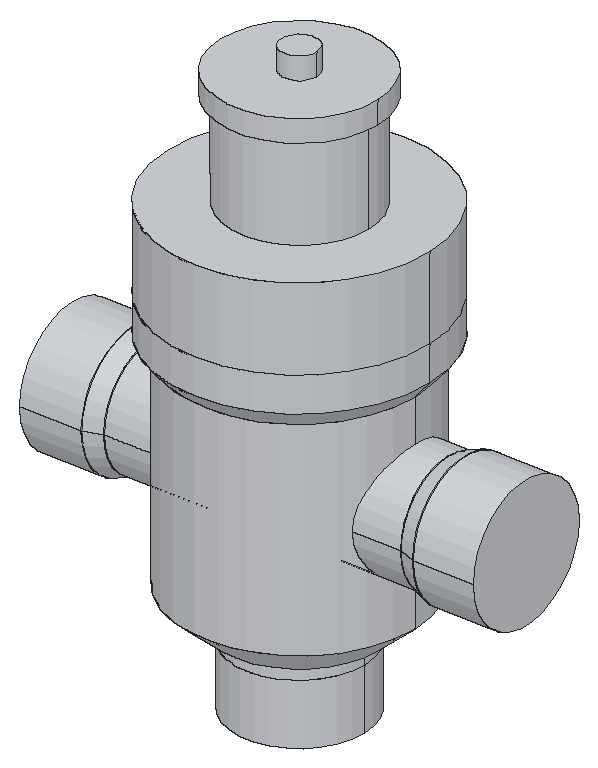
Revit family "VMX12P_DN15_PN16_RFA_2019", category Pipe Accessories, Revit 2019
Family settings
  Round Connector Dimension = Use Diameter
  Part Type = Valve - Breaks Into
  Work Plane-Based = No
  Always vertical = Yes
  Cut with Voids When Loaded = No
  Shared = No
Parameters (values of type "VMX12P G1/2  PN16 kvs1,0")
  magiProductId = ""
  magiProductFamilyId = ""
  magiPartTypeId = 320
  isMeasuringValve [instance] = no
  ang2D [instance] = 0.00°
  Z9 = 7 mm
  Z8 = 4 mm
  Z7__ve = -Z7  # -2.5 mm
  Z7 = 2.5 mm
  Z6 = 8.775 mm
  Z5 = 9.45 mm
  Z3 = 2 mm
  Z2 = 5 mm
  Z1 = 3.75 mm
  X4__ve = -X4  # -7 mm
  X4 = 7 mm
  X3 = 34 mm
  X1 = 5.2 mm
  W2D = 15 mm
  VersionID = ""
  Use Minimum Symbol Size [instance] = no
  URL = "www.hydronix.cz"
  Type Comments = "Závitový, vnější závit, ploché těsnění; LIN charakteristika; PN16; +5~+95°C; max.rychlost proudění 3,0 m/s"
  TL = 52 mm
  R9 = 9 mm
  R8 = 2 mm
  R7 = 15 mm
  R6 = 9 mm
  R5 = 10.214 mm
  R4 = 8.512 mm
  R3 = 7.5 mm
  R2 = 13.3 mm
  R10 = 8 mm
  R1 = 6.75 mm
  QmdConnectorList = "301;D;302;D;303;D"
  Productdata [instance] = ""
  Manufacturer = "Hydronix"
  MT = 1
  MC Product Code = "VMX12P (G1/2\"; dpmax=250kPa; kvs 1,0)"
  MC = yes
  LT2 = 19 mm
  L2D_Min = 30.48 mm
  L2D = 38 mm
  L = 38 mm
  H1 = 23.8 mm
  H = 27 mm
  E = 16 mm
  Description = "3 cestný regulační ventil malých spotřebičů, DN15; zdvih 2,5mm; max dp 250kPa; kvs1,0"
  DT2 = 7.5 mm
  D = 15 mm
  CS = no
  CAT0 = yes
  CAT = no
  C = 25 mm
  Assembly Code = ""
Types (8, lengths in mm): name | Z9 | Z6 | Z5 | Z2 | Z1 | X3 | X1 | W2D | TL | R6 | R5 | R4 | R3 | R2 | R1 | MC Product Code | LT2 | L2D | L | H1 | H | Description | DT2 | D | C
  VMX09P G1/2  PN16 kvs0,25 | 7 | 8.775 | 9.45 | 5 | 3.75 | 34 | 5.2 | 15 | 52 | 9 | 10.214 | 8.512 | 7.5 | 13.3 | 6.75 | "VMX09P (G1/2\"; dpmax=250kPa; kvs 0,25)" | 19 | 38 | 38 | 23.8 | 27 | "3 cestný regulační ventil malých spotřebičů, DN15; zdvih 2,5mm; max dp 250kPa; kvs0,25" | 7.5 | 15 | 25
  VMX10P G1/2  PN16 kvs0,4 | 7 | 8.775 | 9.45 | 5 | 3.75 | 34 | 5.2 | 15 | 52 | 9 | 10.214 | 8.512 | 7.5 | 13.3 | 6.75 | "VMX10P (G1/2\"; dpmax=250kPa; kvs 0,4)" | 19 | 38 | 38 | 23.8 | 27 | "3 cestný regulační ventil malých spotřebičů, DN15; zdvih 2,5mm; max dp 250kPa; kvs0,4" | 7.5 | 15 | 25
  VMX11P G1/2  PN16 kvs0,6 | 7 | 8.775 | 9.45 | 5 | 3.75 | 34 | 5.2 | 15 | 52 | 9 | 10.214 | 8.512 | 7.5 | 13.3 | 6.75 | "VMX11P (G1/2\"; dpmax=250kPa; kvs 0,6)" | 19 | 38 | 38 | 23.8 | 27 | "3 cestný regulační ventil malých spotřebičů, DN15; zdvih 2,5mm; max dp 250kPa; kvs0,6" | 7.5 | 15 | 25
  VMX12P G1/2  PN16 kvs1,0 | 7 | 8.775 | 9.45 | 5 | 3.75 | 34 | 5.2 | 15 | 52 | 9 | 10.214 | 8.512 | 7.5 | 13.3 | 6.75 | "VMX12P (G1/2\"; dpmax=250kPa; kvs 1,0)" | 19 | 38 | 38 | 23.8 | 27 | "3 cestný regulační ventil malých spotřebičů, DN15; zdvih 2,5mm; max dp 250kPa; kvs1,0" | 7.5 | 15 | 25
  VMX13P G1/2  PN16 kvs1,6 | 7 | 8.775 | 9.45 | 5 | 3.75 | 34 | 5.2 | 15 | 52 | 9 | 10.214 | 8.512 | 7.5 | 13.3 | 6.75 | "VMX13P (G1/2\"; dpmax=250kPa; kvs 1,6)" | 19 | 38 | 38 | 23.8 | 27 | "3 cestný regulační ventil malých spotřebičů, DN15; zdvih 2,5mm; max dp 250kPa; kvs1,6" | 7.5 | 15 | 25
  VMX21P G3/4  PN16 kvs2,5 | 8.8 | 8.45 | 9.1 | 6.8 | 5.1 | 38 | 5.6 | 20 | 56 | 12 | 11.29 | 9.408 | 10 | 14.7 | 9 | "VMX21P (G3/4\"; dpmax=150kPa; kvs 2,5)" | 21 | 42 | 42 | 29 | 26 | "3 cestný regulační ventil malých spotřebičů, DN20; zdvih 2,5mm; max dp 150kPa; kvs2,5" | 10 | 20 | 34
  VMX24P G3/4  PN16 kvs4,0 | 8.8 | 8.45 | 9.1 | 6.8 | 5.1 | 38 | 5.6 | 20 | 56 | 12 | 11.29 | 9.408 | 10 | 14.7 | 9 | "VMX24P (G3/4\";  dpmax A-AB=100kPa;  dpmax B-AB=40kPa;  kvs 4,0)" | 21 | 42 | 42 | 29 | 26 | "3 cestný regulační ventil malých spotřebičů, DN20; zdvih 2,5mm; max dp A-AB 100kPa; max dp B-AB 40kPa; kvs4,0" | 10 | 20 | 34
  VMX26P G3/4  PN16 kvs6,0 | 8.8 | 8.45 | 9.1 | 6.8 | 5.1 | 38 | 5.6 | 20 | 56 | 12 | 11.29 | 9.408 | 10 | 14.7 | 9 | "VMX26P (G3/4\";  dpmax A-AB=100kPa;  dpmax B-AB=40kPa;  kvs 6,0)" | 21 | 42 | 42 | 29 | 26 | "3 cestný regulační ventil malých spotřebičů, DN20; zdvih 2,5mm; max dp A-AB 100kPa; max dp B-AB 40kPa; kvs6,0" | 10 | 20 | 34
Reference planes
  plane 1 "Center (Front/Back)": y = 0
  plane 2 "XYPLANE": z = 0
  plane 3 "Center (Left/Right)": x = 0
  plane 4 "271": z = 38
  plane 5 "254": z = 11.55
  plane 6 "253": z = 17.55
  plane 7 "148": z = 40.5
  plane 8 "132": z = 43
  plane 9 "62": z = 13.55
  plane 10 "53": z = 27
  plane 11 "52": z = -12.25
  plane 12 "48": z = -16
  plane 13 "47": z = -18
  plane 14 "38": z = -23
  plane 15 "37": x = 17
  plane 16 "36": x = 19
  plane 17 "23": z = -25
  plane 18 "19": x = -17
  plane 19 "15": x = -19
  plane 20 "6": x = 26
  plane 21 "5": x = -26
  plane 22 "3": z = 0
  plane 23 "2": y = 0
  plane 24 "1": x = 0
Forms (mm)
  Extrusion 1, solid
    sketch origin (-750, 0, -25) x (1, 0, 0) y (0, 1, 0)
      loop
        circle (750, 0) r 7.5
    from 0 to 7 <- "Z9"
  Extrusion 2, solid, visible <- "CAT0"
    sketch origin (-750, 0, 43) x (1, 0, 0) y (0, 1, 0)
      loop
        circle (750, 0) r 2
    from 0 to -2.5 <- "Z7__ve"
  Extrusion 3, solid, visible <- "CAT0"
    sketch origin (-750, 0, 38) x (1, 0, 0) y (0, 1, 0)
      loop
        circle (750, 0) r 8
    from 0 to -19
  Extrusion 4, solid, visible <- "CAT0"
    sketch origin (-17, -750, 0) x (0, 1, 0) y (0, 0, 1)
      loop
        circle (750, 0) r 6.75
    from 0 to 34 <- "X3"
  Extrusion 5, solid
    sketch origin (-750, 0, 13.55) x (1, 0, 0) y (0, 1, 0)
      loop
        circle (750, 0) r 15
    from 0 to 4 <- "Z8"
  Extrusion 6, solid
    sketch origin (-750, 0, 40.5) x (1, 0, 0) y (0, 1, 0)
      loop
        circle (750, 0) r 9
    from 0 to -2.5 <- "Z7__ve"
  Extrusion 7, solid
    sketch origin (-750, 0, 17.55) x (1, 0, 0) y (0, 1, 0)
      loop
        circle (750, 0) r 15
    from 0 to 9.45 <- "Z5"
  Blend 8, solid
    base sketch origin (-750, 0, 11.55) x (1, 0, 0) y (0, 1, 0)
      loop
        circle (750, 0) r 13.3
    top sketch origin (-750, 0, 11.55) x (1, 0, 0) y (0, 1, 0)
      loop
        circle (750, 0) r 15
    from 0 to 2
  Blend 9, solid
    base sketch origin (-750, 0, -12.25) x (1, 0, 0) y (0, 1, 0)
      loop
        circle (750, 0) r 13.3
    top sketch origin (-750, 0, -12.25) x (1, 0, 0) y (0, 1, 0)
      loop
        circle (750, 0) r 9
    from 0 to -3.75
  Extrusion 10, solid
    sketch origin (-750, 0, -18) x (1, 0, 0) y (0, 1, 0)
      loop
        circle (750, 0) r 7.5
    from 0 to 2 <- "Z3"
  Extrusion 11, solid
    sketch origin (26, -750, 0) x (0, 1, 0) y (0, 0, 1)
      loop
        circle (750, 0) r 7.5
    from 0 to -7 <- "X4__ve"
  Blend 12, solid
    base sketch origin (19, -750, 0) x (0, 1, 0) y (0, 0, 1)
      loop
        circle (750, 0) r 7.5
    top sketch origin (19, -750, 0) x (0, 1, 0) y (0, 0, 1)
      loop
        circle (750, 0) r 6.75
    from 0 to -2
  Extrusion 13, solid
    sketch origin (-750, 0, -12.25) x (1, 0, 0) y (0, 1, 0)
      loop
        circle (750, 0) r 13.3
    from 0 to 23.8 <- "H1"
  Blend 14, solid
    base sketch origin (-19, -750, 0) x (0, 1, 0) y (0, 0, 1)
      loop
        circle (750, 0) r 7.5
    top sketch origin (-19, -750, 0) x (0, 1, 0) y (0, 0, 1)
      loop
        circle (750, 0) r 6.75
    from 0 to 2
  Extrusion 15, solid
    sketch origin (-26, -750, 0) x (0, 1, 0) y (0, 0, 1)
      loop
        circle (750, 0) r 7.5
    from 0 to 7 <- "X4"
  Extrusion 16, solid, not visible
    sketch origin (-750, 0, -18) x (1, 0, 0) y (0, 1, 0)
      loop
        circle (750, 0) r 10
    from 0 to 10
  Extrusion 17, solid, not visible
    sketch origin (19, -750, 0) x (0, 1, 0) y (0, 0, 1)
      loop
        circle (750, 0) r 10
    from 0 to -10
  Extrusion 18, solid, not visible
    sketch origin (-19, -750, 0) x (0, 1, 0) y (0, 0, 1)
      loop
        circle (750, 0) r 10
    from 0 to 10
Lines and regions (mm)
  reference lines, not visible
    curve 1: circle (2, 2, 0) r 1 normal (0, 0, 1)
Dimensions and locks
  plane 1 "Center (Front/Back)" to curve 1 = 2 mm
  "Z7": plane 7 "148" to plane 4 "271"
  "Z3": plane 9 "62" to plane 5 "254"
  "Z5": plane 10 "53" to plane 6 "253"
  "Z7": plane 8 "132" to plane 7 "148"
  "E": plane 10 "53" to plane 8 "132"
  "Z8": plane 6 "253" to plane 9 "62"
  "H": plane 2 "XYPLANE" to plane 10 "53"
  "Z1": plane 12 "48" to plane 11 "52"
  "Z3": plane 13 "47" to plane 12 "48"
  "Z2": plane 14 "38" to plane 13 "47"
  "Z3": plane 17 "23" to plane 14 "38"
  locked: plane 16 "36" to plane 15 "37" at 2
  "LT2": plane 3 "Center (Left/Right)" to plane 16 "36"
  "C": plane 2 "XYPLANE" to plane 17 "23"
  locked: plane 19 "15" to plane 18 "19" at 2
  "LT2": plane 3 "Center (Left/Right)" to plane 19 "15"
  "X4": plane 16 "36" to plane 20 "6"
  "X4": plane 19 "15" to plane 21 "5"
  locked: plane 2 "XYPLANE" to plane 22 "3"
  locked: plane 1 "Center (Front/Back)" to plane 23 "2"
  locked: plane 3 "Center (Left/Right)" to plane 24 "1"
  "DT2": radius of Extrusion 1 sketch curve
  "R8": radius of Extrusion 2 sketch curve
  "R10": radius of Extrusion 3 sketch curve
  "R1": radius of Extrusion 4 sketch curve
  "R7": radius of Extrusion 5 sketch curve
  "R9": radius of Extrusion 6 sketch curve
  "R7": radius of Extrusion 7 sketch curve
  "R7": radius of Blend 8 sketch curve
  "R2": radius of Blend 8 sketch curve
  "R6": radius of Blend 9 sketch curve
  "R2": radius of Blend 9 sketch curve
  "DT2": radius of Extrusion 10 sketch curve
  "DT2": radius of Extrusion 11 sketch curve
  "R1": radius of Blend 12 sketch curve
  "DT2": radius of Blend 12 sketch curve
  "R2": radius of Extrusion 13 sketch curve
  "R1": radius of Blend 14 sketch curve
  "DT2": radius of Blend 14 sketch curve
  "DT2": radius of Extrusion 15 sketch curve
  aligned and locked: level to plane 2 "XYPLANE"
  aligned and locked: plane 23 "2" to Extrusion 1 sketch curve
  aligned and locked: plane 24 "1" to Extrusion 1 sketch curve
  aligned and locked: plane 23 "2" to Extrusion 2 sketch curve
  aligned and locked: plane 24 "1" to Extrusion 2 sketch curve
  aligned and locked: plane 23 "2" to Extrusion 3 sketch curve
  aligned and locked: plane 24 "1" to Extrusion 3 sketch curve
  aligned and locked: plane 22 "3" to Extrusion 4 sketch curve
  aligned and locked: Extrusion 4 sketch curve to plane 23 "2"
  aligned and locked: plane 23 "2" to Extrusion 5 sketch curve
  aligned and locked: plane 24 "1" to Extrusion 5 sketch curve
  aligned and locked: plane 23 "2" to Extrusion 6 sketch curve
  aligned and locked: plane 24 "1" to Extrusion 6 sketch curve
  aligned and locked: plane 23 "2" to Extrusion 7 sketch curve
  aligned and locked: plane 24 "1" to Extrusion 7 sketch curve
  aligned and locked: plane 23 "2" to Blend 8 sketch curve  (x2)
  aligned and locked: plane 24 "1" to Blend 8 sketch curve  (x2)
  aligned and locked: plane 9 "62" to Blend 8
  aligned and locked: plane 23 "2" to Blend 9 sketch curve  (x2)
  aligned and locked: plane 24 "1" to Blend 9 sketch curve  (x2)
  aligned and locked: Blend 9 to plane 12 "48"
  aligned and locked: plane 23 "2" to Extrusion 10 sketch curve
  aligned and locked: plane 24 "1" to Extrusion 10 sketch curve
  aligned and locked: plane 22 "3" to Extrusion 11 sketch curve
  aligned and locked: Extrusion 11 sketch curve to plane 23 "2"
  aligned and locked: plane 22 "3" to Blend 12 sketch curve  (x2)
  aligned and locked: Blend 12 sketch curve to plane 23 "2"  (x2)
  aligned and locked: Blend 12 to plane 15 "37"
  aligned and locked: plane 23 "2" to Extrusion 13 sketch curve
  aligned and locked: plane 24 "1" to Extrusion 13 sketch curve
  aligned and locked: plane 22 "3" to Blend 14 sketch curve  (x2)
  aligned and locked: Blend 14 sketch curve to plane 23 "2"  (x2)
  aligned and locked: plane 18 "19" to Blend 14
  aligned and locked: plane 22 "3" to Extrusion 15 sketch curve
  aligned and locked: Extrusion 15 sketch curve to plane 23 "2"
  aligned and locked: plane 23 "2" to Extrusion 16 sketch curve
  aligned and locked: plane 24 "1" to Extrusion 16 sketch curve
  aligned and locked: plane 22 "3" to Extrusion 17 sketch curve
  aligned and locked: Extrusion 17 sketch curve to plane 23 "2"
  aligned and locked: plane 22 "3" to Extrusion 18 sketch curve
  aligned and locked: Extrusion 18 sketch curve to plane 23 "2"
Automatic sketch dimensions
  plane 1 "Center (Front/Back)" to Extrusion 16 sketch curve = 10 mm
  plane 1 "Center (Front/Back)" to Extrusion 17 sketch curve = 10 mm
  plane 1 "Center (Front/Back)" to Extrusion 18 sketch curve = 10 mm
  plane 3 "Center (Left/Right)" to curve 1 = 2 mm
  radius of curve 1 = 1 mm
Connectors
  piping at (-19, 0, 0), diameter 15, driven by "D"
    settings: on Extrusion 18, index 1, connector inside diameter 609.6 mm, connector length 0 mm, flow factor 0, pipe flow 0.0 L/s, pressure drop 0.0 Pa, fitting loss kfactor 0, connector angle 0.00°, fixture units 0, engagement length 0 mm, angle of deflection 0.00°, flow configuration 0, flow direction 0, fitting loss method 0, system type 29, joint type 0, gender type 0, connector reference index -1, connector utility 0, adjustable connector yes, is connector primary yes, connector description ""
  piping at (19, 0, 0), diameter 15, driven by "D"
    settings: on Extrusion 17, index 2, connector inside diameter 609.6 mm, connector length 0 mm, flow factor 0, pipe flow 0.0 L/s, pressure drop 0.0 Pa, fitting loss kfactor 0, connector angle 0.00°, fixture units 0, engagement length 0 mm, angle of deflection 0.00°, flow configuration 0, flow direction 0, fitting loss method 0, system type 29, joint type 0, gender type 0, connector reference index -1, connector utility 0, adjustable connector yes, is connector primary no, connector description ""
  piping at (0, 0, -18), diameter 15, driven by "D"
    settings: on Extrusion 16, index 3, connector inside diameter 609.6 mm, connector length 0 mm, flow factor 0, pipe flow 0.0 L/s, pressure drop 0.0 Pa, fitting loss kfactor 0, connector angle 0.00°, fixture units 0, engagement length 0 mm, angle of deflection 0.00°, flow configuration 0, flow direction 0, fitting loss method 0, system type 29, joint type 0, gender type 0, connector reference index -1, connector utility 0, adjustable connector yes, is connector primary no, connector description ""
